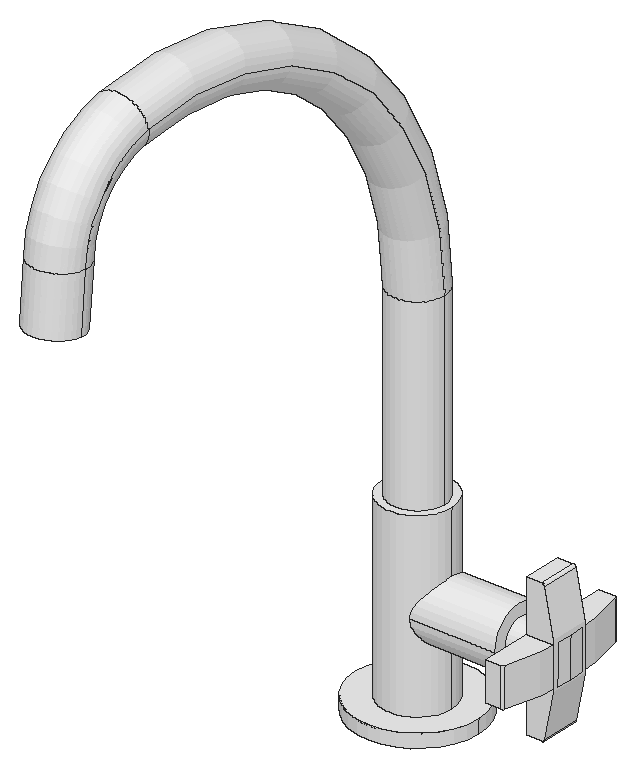
Revit family "Deca_Torneira Cozinha Max_1167.C34_Bica Móvel Mesa", category Plumbing Fixtures, host Face, Revit 2012
Parameters (values of type "1167.C34_Cromado CR10")
  Vendido Separadamente = " Ligação Flexível: 30 cm (4607.C.030), 40 cm (4607.C.040), 50 cm (4607.C.050)."  # constant formula
  Variações de COR = "Cromado (1167.C34)"  # constant formula
  URL = "www.deca.com.br/produtos"
  Torneira = Deca CR10 Cromado Metal
  Segmento = "Competitivo"  # constant formula
  Raio Água Fria = 7.5 mm  # constant formula
  Produto = "Torneira Cozinha bica móvel mesa Max"  # constant formula
  Pressão = "2 A 40 mca"  # constant formula
  Peso Liquido (Kg) = 0.806
  Norma = "ABNT NBR 1028 :2003"  # constant formula
  Model = Código  # "1167.C34"
  Material = "Deca_Latão Cromado e Plástico de Engenharia"  # constant formula
  Manufacturer = "Deca"  # constant formula
  Louça/Metais = "Metal"  # constant formula
  Linha = "Max"  # constant formula
  Informações Complementares = "Mecanismo: 2 1/2 voltas"  # constant formula
  Flow Pressure = 0.00 psi
  Diâmetro Água Fria = Raio Água Fria * 2  # 15 mm
  Description = "Torneira cozinha mesa"  # constant formula
  Default Elevation = 0 mm
  Código = "1167.C34"  # constant formula
  Criado por = "Contino/quattroD"  # constant formula
  Consumo = "Varia com a pressão"  # constant formula
  CWFU = 0
  Atendimento ao Cliente = "0800-0117073"  # constant formula
  Assembly Code = "D2020"
  Aprovado por = "Contino/quattroD"  # constant formula
  Acompanha o Produto = ""
Reference planes
  plane 1 "Center (Front/Back)": y = -110
  plane 2: z = 0
  plane 3 "Center (Left/Right)": x = 0
  plane 4 "Left 1": x = -15.779
  plane 5 "Back 1": y = -94.25
  plane 6 "Front  1": y = -124.878
  plane 7 "Right 1": x = 15.779
  plane 8 "Right 2": x = 39.573
  plane 9 "Front  2": y = -234.118
  plane 10 "Top 1": z = 185.992
Forms (mm)
  Sweep 1, solid, material "Deca CR10 Cromado Metal" <- "Torneira"
    path origin (0, 0, 0) x (0, 1, 0) y (0, 0, 1)
      loop
        line (-110, 0) -> (-110, 98.106)
        arc (-110, 98.106) -> (-139.032, 160.366) -> (-205.387, 178.146) r 81.274
        arc (-205.387, 178.146) -> (-219.546, 170.135) -> (-225.508, 154.999) r 24.367
        line (-225.508, 154.999) -> (-226.83, 139.891)
    profile origin (0, -110, 49.053) x (0, -1, 0) y (1, 0, 0)
      loop
        circle (0, 0) r 7
  Extrusion 2, solid, material "Deca CR10 Cromado Metal" <- "Torneira"
    sketch origin (0, 0, 0) x (1, 0, 0) y (0, 1, 0)
      loop
        circle (0, -110) r 15.779
    from 0 to 3.463
  Extrusion 3, solid, material "Deca CR10 Cromado Metal" <- "Torneira"
    sketch origin (0, 0, 0) x (1, 0, 0) y (0, 1, 0)
      loop
        circle (0, -110) r 9
    from 3.506 to 49.892
  Extrusion 4, solid, material "Deca CR10 Cromado Metal" <- "Torneira"
    sketch origin (0, 0, -0.781) x (0, 1, 0) y (0, 0, 1)
      loop
        circle (-110, 26.824) r 8
    from 0 to 26.427
  Extrusion 5, solid, material "Deca CR10 Cromado Metal" <- "Torneira"
    sketch origin (0, 0.032, -0.851) x (0, 1, 0) y (0, 0, 1)
      loop
        circle (-110, 26.824) r 5
    from 26.427 to 32.056
  Extrusion 6, solid, material "Deca CR10 Cromado Metal" <- "Torneira"
    sketch origin (19.26, -110, -54.479) x (-1, 0, 0) y (0, 0, 1)
      loop
        line (-12.888, 62.176) -> (-12.888, 98.676) -> (-16.829, 98.676)
        arc (-16.829, 98.676) -> (-17.288, 98.531) -> (-17.581, 98.149) r 0.8
        arc (-17.581, 98.149) -> (-20.313, 80.407) -> (-17.569, 62.666) r 58.844
        arc (-17.569, 62.666) -> (-17.315, 62.312) -> (-16.9, 62.176) r 0.702
        line (-16.9, 62.176) -> (-12.888, 62.176)
    from -5 to 5
  Extrusion 7, solid, material "Deca CR10 Cromado Metal" <- "Torneira"
    sketch origin (19.26, -190.426, 25.947) x (0, 1, 0) y (-1, 0, 0)
      loop
        line (62.176, -12.888) -> (62.176, -16.9)
        arc (62.176, -16.9) -> (62.312, -17.315) -> (62.666, -17.569) r 0.702
        arc (62.666, -17.569) -> (71.441, -19.623) -> (80.426, -20.313) r 58.844
        arc (80.426, -20.313) -> (89.411, -19.623) -> (98.186, -17.569) r 58.844
        arc (98.186, -17.569) -> (98.54, -17.315) -> (98.676, -16.9) r 0.702
        line (98.676, -16.9) -> (98.676, -12.888) -> (62.176, -12.888)
    from -5 to 5
Cuts and joins
  joined: Sweep 1, Extrusion 2, Extrusion 3, Extrusion 4
Lines and regions (mm)
  Masking region 1
    outline origin (0, -110, 0) x (1, 0, 0) y (0, 0, 1)
      loop
        line (-6.122, 180.048) -> (-6.122, 154.98)
        arc (-6.122, 154.98) -> (-6.383, 154.008) -> (-7.094, 153.296) r 1.944
        arc (-7.094, 153.296) -> (-7.495, 153.209) -> (-7.844, 152.993) r 1.214
        line (-7.844, 152.993) -> (-7.844, 140.853)
        arc (-7.844, 140.853) -> (-7.718, 140.336) -> (-7.371, 139.934) r 1.13
        arc (-7.371, 139.934) -> (-6.764, 139.695) -> (-6.122, 139.576) r 3.436
        line (-6.122, 139.576) -> (-6.122, 50.492) -> (-7.991, 50.492) -> (-8.591, 49.892) -> (-8.591, 40.674) -> (-7.669, 40.674) -> (-7.669, 39.804) -> (-8.941, 39.804) -> (-8.941, 3.506) -> (-9.854, 3.506) -> (-15.311, 1.567)
        arc (-15.311, 1.567) -> (-15.648, 1.311) -> (-15.774, 0.907) r 0.696
        line (-15.774, 0.907) -> (-15.774, 0) -> (15.774, 0) -> (15.774, 0.907)
        arc (15.774, 0.907) -> (15.648, 1.311) -> (15.311, 1.567) r 0.696
        line (15.311, 1.567) -> (9.854, 3.506) -> (8.941, 3.506) -> (8.941, 13.681)
        arc (8.941, 13.681) -> (9.967, 16.158) -> (12.443, 17.183) r 3.502
        line (12.443, 17.183) -> (15.569, 17.183) -> (15.569, 18.237) -> (16.392, 18.237) -> (16.392, 17.357) -> (26.385, 17.357) -> (26.385, 21.416) -> (27.199, 21.416) -> (27.199, 20.572) -> (32.105, 20.474) -> (32.105, 7.697) -> (36.16, 7.697)
        arc (36.16, 7.697) -> (36.574, 7.833) -> (36.829, 8.187) r 0.702
        arc (36.829, 8.187) -> (39.573, 25.928) -> (36.84, 43.671) r 58.844
        arc (36.84, 43.671) -> (36.547, 44.053) -> (36.088, 44.197) r 0.8
        line (36.088, 44.197) -> (32.105, 44.197) -> (32.105, 31.42) -> (27.199, 31.322) -> (27.199, 30.479) -> (26.385, 30.479) -> (26.385, 34.538) -> (16.392, 34.538) -> (16.392, 33.658) -> (15.569, 33.658) -> (15.569, 34.711) -> (12.443, 34.711)
        arc (12.443, 34.711) -> (9.967, 35.737) -> (8.941, 38.213) r 3.502
        line (8.941, 38.213) -> (8.941, 39.804) -> (7.669, 39.804) -> (7.669, 40.674) -> (8.591, 40.674) -> (8.591, 49.892) -> (7.991, 50.492) -> (6.122, 50.492) -> (6.122, 139.576)
        arc (6.122, 139.576) -> (6.764, 139.695) -> (7.371, 139.934) r 3.436
        arc (7.371, 139.934) -> (7.718, 140.336) -> (7.844, 140.853) r 1.13
        line (7.844, 140.853) -> (7.844, 152.993)
        arc (7.844, 152.993) -> (7.495, 153.209) -> (7.094, 153.296) r 1.214
        arc (7.094, 153.296) -> (6.383, 154.008) -> (6.122, 154.98) r 1.944
        line (6.122, 154.98) -> (6.122, 180.048)
        arc (6.122, 180.048) -> (-0.011, 186.159) -> (-6.122, 180.048) r 6.112
  Masking region 2
    outline origin (0, 0, 0) x (0, 1, 0) y (0, 0, 1)
      loop
        arc (-125.299, 1.567) -> (-125.646, 1.315) -> (-125.779, 0.907) r 0.695
        line (-125.779, 0.907) -> (-125.779, 0) -> (-94.221, 0) -> (-94.221, 0.907)
        arc (-94.221, 0.907) -> (-94.354, 1.315) -> (-94.701, 1.567) r 0.695
      loop
        line (-94.643, 1.567) -> (-100.274, 3.506) -> (-101.059, 3.506) -> (-101.059, 22.438) -> (-92.452, 22.438)
        arc (-92.452, 22.438) -> (-91.956, 22.643) -> (-91.75, 23.14) r 0.702
        line (-91.75, 23.14) -> (-91.75, 28.755)
        arc (-91.75, 28.755) -> (-91.956, 29.251) -> (-92.452, 29.457) r 0.702
        line (-92.452, 29.457) -> (-101.059, 29.457) -> (-101.059, 39.863) -> (-102.311, 39.863) -> (-102.311, 40.674) -> (-101.409, 40.674) -> (-101.409, 49.892) -> (-102.009, 50.492) -> (-103.878, 50.492) -> (-103.878, 98.13)
        arc (-103.878, 98.13) -> (-135.339, 165.6) -> (-207.248, 184.868) r 88.076
        arc (-207.248, 184.868) -> (-224.789, 174.535) -> (-231.249, 155.228) r 29.067
        arc (-231.249, 155.228) -> (-231.905, 154.122) -> (-233.108, 153.668) r 1.943
        line (-233.108, 153.668) -> (-234.17, 141.533)
        arc (-234.17, 141.533) -> (-233.939, 140.801) -> (-233.259, 140.447) r 1.002
        line (-233.259, 140.447) -> (-219.619, 139.253)
        arc (-219.619, 139.253) -> (-218.878, 139.487) -> (-218.519, 140.176) r 1.015
        line (-218.519, 140.176) -> (-217.457, 152.315)
        arc (-217.457, 152.315) -> (-218.641, 153.098) -> (-219.114, 154.436) r 2.23
        arc (-219.114, 154.436) -> (-215.106, 166.283) -> (-204.516, 172.936) r 18.655
        arc (-204.516, 172.936) -> (-142.977, 156.013) -> (-116.122, 98.115) r 75.876
        line (-116.122, 98.115) -> (-116.122, 50.492) -> (-117.991, 50.492) -> (-118.591, 49.892) -> (-118.591, 40.674) -> (-117.706, 40.674) -> (-117.706, 39.863) -> (-118.941, 39.863) -> (-118.941, 29.457) -> (-127.548, 29.457)
        arc (-127.548, 29.457) -> (-128.044, 29.251) -> (-128.25, 28.755) r 0.702
        line (-128.25, 28.755) -> (-128.25, 23.14)
        arc (-128.25, 23.14) -> (-128.044, 22.643) -> (-127.548, 22.438) r 0.702
        line (-127.548, 22.438) -> (-118.941, 22.438) -> (-118.941, 3.506) -> (-119.726, 3.506) -> (-125.357, 1.567)
  Masking region 3
    outline origin (0, 0, 0) x (1, 0, 0) y (0, 1, 0)
      loop
        arc (0, -94.221) -> (-15.467, -106.877) -> (-6.122, -124.543) r 15.779
        line (-6.122, -124.543) -> (-6.122, -220.415)
        arc (-6.122, -220.415) -> (-7.434, -223.194) -> (-7.884, -226.235) r 10.496
        arc (-7.884, -226.235) -> (0.002, -234.118) -> (7.884, -226.231) r 7.884
        arc (7.884, -226.231) -> (7.433, -223.193) -> (6.122, -220.415) r 10.496
        line (6.122, -220.415) -> (6.122, -124.543)
        arc (6.122, -124.543) -> (10.045, -122.168) -> (13.12, -118.766) r 15.779
        line (13.12, -118.766) -> (15.569, -118.766) -> (15.569, -117.714) -> (16.382, -117.714) -> (16.382, -118.591) -> (21.222, -118.591) -> (21.222, -117.5) -> (26.385, -117.5) -> (26.385, -114.387) -> (27.211, -114.387) -> (27.211, -115.375) -> (32.105, -115.473) -> (32.105, -128.25) -> (36.16, -128.25)
        arc (36.16, -128.25) -> (36.574, -128.114) -> (36.829, -127.76) r 0.702
        arc (36.829, -127.76) -> (38.883, -118.985) -> (39.573, -110) r 58.844
        arc (39.573, -110) -> (38.883, -101.015) -> (36.829, -92.24) r 58.844
        arc (36.829, -92.24) -> (36.574, -91.886) -> (36.16, -91.75) r 0.702
        line (36.16, -91.75) -> (32.105, -91.75) -> (32.105, -104.527) -> (27.211, -104.625) -> (27.211, -105.613) -> (26.385, -105.613) -> (26.385, -102.5) -> (21.222, -102.5) -> (21.222, -101.409) -> (16.382, -101.409) -> (16.382, -102.286) -> (15.569, -102.286) -> (15.569, -101.234) -> (13.12, -101.234)
        arc (13.12, -101.234) -> (7.438, -96.084) -> (0, -94.221) r 15.779
  symbolic lines
    curve 1: arc (-6.122, -110, 154.98) -> (0, -110, 155.518) -> (6.122, -110, 154.98) r 35.129
    curve 2: arc (-7.094, -110, 153.296) -> (0, -110, 153.666) -> (7.094, -110, 153.296) r 68.163
    curve 3: spline (-6.122, -110, 139.576) -> (-6.608, -110, 139.826) -> (-6.393, -110, 140.081) -> (-5.502, -110, 140.315) -> (-4.028, -110, 140.502) -> (-2.126, -110, 140.623) -> (0, -110, 140.665) -> (2.126, -110, 140.623) -> (4.028, -110, 140.502) -> (5.502, -110, 140.315) -> (6.393, -110, 140.081) -> (6.608, -110, 139.826) -> (6.122, -110, 139.576)
    curve 4: arc (-7.844, -110, 140.853) -> (0, -110, 141.529) -> (7.844, -110, 140.853) r 45.879
    curve 5: arc (-6.122, -110, 139.576) -> (0, -110, 139.264) -> (6.122, -110, 139.576) r 60.239
    curve 6: line (-8.591, -110, 49.892) -> (8.591, -110, 49.892)
    curve 7: line (-6.122, -110, 50.492) -> (6.122, -110, 50.492)
    curve 8: line (-7.669, -110, 40.674) -> (7.669, -110, 40.674)
    curve 9: line (-7.669, -110, 39.804) -> (7.669, -110, 39.804)
    curve 10: line (8.941, -110, 38.213) -> (2.871, -110, 29.368)
    curve 11: arc (2.871, -110, 29.368) -> (1.813, -110, 25.956) -> (2.871, -110, 22.544) r 6.03
    curve 12: line (2.871, -110, 22.544) -> (8.941, -110, 13.698)
    curve 13: line (12.443, -110, 34.711) -> (3.18, -110, 27.731)
    curve 14: arc (3.18, -110, 27.731) -> (2.297, -110, 25.96) -> (3.18, -110, 24.189) r 2.218
    curve 15: line (3.18, -110, 24.189) -> (12.478, -110, 17.183)
    curve 16: line (15.569, -110, 33.658) -> (15.569, -110, 18.237)
    curve 17: line (16.392, -110, 18.237) -> (16.392, -110, 33.658)
    curve 18: line (26.385, -110, 30.136) -> (21.222, -110, 30.136)
    curve 19: line (21.222, -110, 30.136) -> (21.222, -110, 21.758)
    curve 20: line (21.222, -110, 21.758) -> (26.385, -110, 21.758)
    curve 21: line (26.385, -110, 30.479) -> (26.385, -110, 21.416)
    curve 22: line (27.199, -110, 30.479) -> (27.199, -110, 21.416)
    curve 23: line (32.105, -110, 22.438) -> (39.269, -110, 22.438)
    curve 24: arc (36.719, -110, 22.438) -> (36.829, -110, 25.947) -> (36.719, -110, 29.457) r 56.1
    curve 25: line (-8.941, -110, 3.506) -> (8.941, -110, 3.506)
    curve 26: line (-15.311, -110, 1.567) -> (15.311, -110, 1.567)
    curve 27: line (-15.779, -110, 0.907) -> (15.779, -110, 0.907)
    curve 28: line (32.105, -110, 31.42) -> (32.105, -110, 20.474)
    curve 29: line (0, -234.17, 141.533) -> (0, -218.535, 140.179)
    curve 30: line (0, -231.258, 155.502) -> (0, -219.114, 154.45)
    curve 31: line (0, -233.108, 153.668) -> (0, -217.369, 152.291)
    curve 32: line (0, -116.122, 50.492) -> (0, -103.878, 50.492)
    curve 33: line (0, -101.409, 49.892) -> (0, -118.591, 49.892)
    curve 34: line (0, -117.706, 40.674) -> (0, -102.311, 40.674)
    curve 35: line (0, -102.311, 39.863) -> (0, -117.78, 39.863)
    curve 36: line (0, -118.941, 22.438) -> (0, -118.941, 29.457)
    curve 37: line (0, -101.059, 29.457) -> (0, -101.059, 22.438)
    curve 38: line (0, -118.941, 3.506) -> (0, -101.059, 3.506)
    curve 39: line (0, -125.299, 1.567) -> (0, -94.643, 1.567)
    curve 40: line (0, -125.779, 0.907) -> (0, -94.221, 0.907)
    curve 41: line (6.122, -124.543, 0) -> (6.122, -110, 0)
    curve 42: line (-6.122, -124.543, 0) -> (-6.122, -110, 0)
    curve 43: arc (-6.122, -110, 0) -> (0, -103.878, 0) -> (6.122, -110, 0) r 6.122
    curve 44: arc (-6.122, -116.516, 0) -> (0, -101.059, 0) -> (6.122, -116.516, 0) r 8.941
    curve 45: arc (6.122, -102.193, 0) -> (3.819, -101.541, 0) -> (1.453, -101.178, 0) r 19.343
    curve 46: arc (6.122, -102.193, 0) -> (8.466, -103.485, 0) -> (10.482, -105.246, 0) r 12.515
    curve 47: arc (10.482, -105.246, 0) -> (11.904, -107.447, 0) -> (12.5, -110, 0) r 7.652
    curve 48: arc (12.5, -110, 0) -> (11.812, -112.695, 0) -> (10.27, -115.01, 0) r 8.265
    curve 49: arc (10.27, -115.01, 0) -> (8.355, -116.616, 0) -> (6.122, -117.74, 0) r 10.817
    curve 50: line (1.555, -101.195, 0) -> (13.094, -101.195, 0)
    curve 51: line (15.569, -102.286, 0) -> (15.569, -117.714, 0)
    curve 52: line (13.12, -118.766, 0) -> (6.122, -118.766, 0)
    curve 53: line (16.382, -117.714, 0) -> (16.382, -102.286, 0)
    curve 54: line (26.385, -105.613, 0) -> (26.385, -114.387, 0)
    curve 55: line (27.211, -114.387, 0) -> (27.211, -105.613, 0)
    curve 56: line (32.105, -104.527, 0) -> (32.105, -115.473, 0)
    curve 57: line (39.292, -106.49, 0) -> (32.105, -106.49, 0)
    curve 58: arc (36.719, -113.51, 0) -> (36.829, -110, 0) -> (36.719, -106.49, 0) r 56.1
    curve 59: line (39.468, -113.51, 0) -> (32.105, -113.51, 0)
    curve 60: line (-6.122, -220.415, 0) -> (-6.122, -225.102, 0)
    curve 61: line (6.122, -220.415, 0) -> (6.122, -225.102, 0)
    curve 62: arc (-6.122, -225.102, 0) -> (0, -231.225, 0) -> (6.122, -225.102, 0) r 6.122
    curve 63: arc (-6.931, -221.475, 0) -> (0, -233.115, 0) -> (6.931, -221.475, 0) r 7.884
    curve 64: line (32.105, -110, 29.457) -> (39.269, -110, 29.457)
Dimensions and locks
  plane 4 "Left 1" to plane 7 "Right 1" to plane 8 "Right 2" = 31.558 mm, 23.794 mm  (x2)
  plane 6 "Front  1" to plane 5 "Back 1" = 30.628 mm  (x2)
  plane 6 "Front  1" to plane 9 "Front  2" = 109.24 mm
  plane 9 "Front  2" to plane 5 "Back 1" = 139.868 mm  (x2)
  plane 4 "Left 1" to plane 8 "Right 2" = 55.352 mm  (x2)
  plane 9 "Front  2" to plane 6 "Front  1" = 109.24 mm
  plane 2 to plane 10 "Top 1" = 185.992 mm
  plane 10 "Top 1" to host face = 185.992 mm
  aligned and locked: host face to plane 2
  aligned and locked: level to host face
Connectors
  piping at (0, -110, 0), driven by "Raio Água Fria", driven by "Flow Pressure", driven by "CWFU"
    settings: on cut or joined group of Sweep 1, Extrusion 2, Extrusion 3, Extrusion 4, index 1, connector radius 0.29528", flow factor 0, pipe flow 0 GPM, pressure drop 0.00 psi, fitting loss kfactor 0, connector angle 0.00°, fixture units 0, engagement length 0 mm, flow configuration 3, flow direction 1, fitting loss method 4, system type 20, joint type 0, gender type 0, connector reference index -1, connector utility 0, adjustable connector no, is connector primary yes, fitting loss table "", connector description ""
